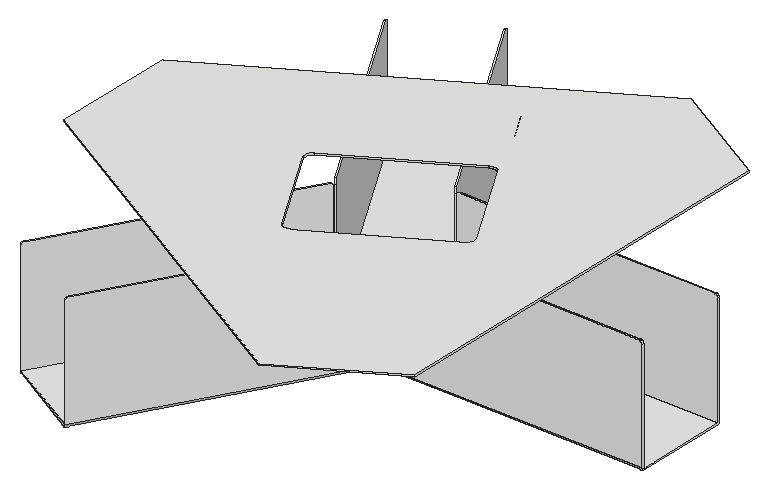
Revit family "Accessories-Teknion-HWBEWT_hiSpace_120_Wire_Bridge-R2020", category Furniture, Revit 2020
Family settings
  OmniClass Number = 23.40.20.00
  OmniClass Title = General Furniture and Specialties
  Work Plane-Based = No
  Always vertical = Yes
  Cut with Voids When Loaded = No
  Shared = Yes
  Room Calculation Point = No
Parameters (values of type "HWBEWT")
  Warranty = "http://www.teknion.com/ca/papers/legal-canada"
  Unit Weight URL = "http://www.teknion.com/ca/tools/assets#&asset=bee6a381-b954-425e-8283-5a2de3a804f2,f828d448-4b62-4231-9e5f-9a8991c0ed77"
  URL = "www.teknion.com"
  To render please download texture images found here [instance] = "https://assets.teknion.com/web/5e81352c1dfdb467/revit-material-swatches/"
  Sustainability Data = "https://www.teknion.com/ca/tools/assets#&topic=216f99a5-57a0-44fc-b10a-9dee9b29ae4c&asset=444deb64-fe58-4b68-981e-f75e97781df7,b4ff2d81-9f2e-437d-9659-7cffb09c31cf"
  Series = "Height-Adjustable Bench hiSpace"  # constant formula
  Product Page URL = "https://www.teknion.com/ca/products/product-details?productLineId=e4ad706f-8e7a-673b-a6c8-ff05004460c4"
  Product Line = "Hispace 120 Bench\r"  # constant formula
  Product Documentation Link = "https://www.teknion.com/pricing/habh/pdfs/HWBEWT_ppg.pdf"
  Part Number = "HWBEWT"  # constant formula
  Model = "HWBEWT"
  Manufacturer Phone = "416-661-3370"  # constant formula
  Manufacturer Fax = "416.661.4586"  # constant formula
  Manufacturer Contact Information = "http://www.teknion.com/ca/contactus"
  Manufacturer Address = "1150 Flint Road, Toronto, ON. M3J 2J5. Canada"  # constant formula
  Manufacturer = "Teknion"  # constant formula
  How To Use Teknion Materials User Guide [instance] = "https://assets.teknion.com/m/205dd0a49fa58060/original/How-to-add-a-Material-Library-and-Texture-Images-to-your-Revit-project.pdf"
  For Additional Finishes please visit [instance] = "https://assets.teknion.com/m/44a8009b046e5d47/original/Teknion_Materials_Library.zip"
  Description = "hiSpace 120 Wire Bridge"
  Default Elevation = 0.000"
  Body Finish [instance] = Paint  -Teknion - 83 - Very White
  Assembly Code = "E2020200"
Reference planes (in)
  plane 1 "Center Front/Back": y = 0
  plane 2: z = 0
  plane 3 "Center Left/Right": x = 0.23501
  plane 4 "Left": x = -8.99062
  plane 5 "Right": x = 9.46064
  plane 6 "Back": y = 8.97563
  plane 7 "Front": y = -8.97563
  plane 8 "Top": z = 14.97642
  plane 9: z = 10.97642
Forms (in)
  Sweep 1, solid, material "Paint  -Teknion - 83 - Very White" <- "Body Finish"
    path origin (0, 0, 0) x (1, 0, 0) y (0, 1, 0)
      loop
        line (9.46064, 0) -> (0.96064, 0)
    profile origin (5.21064, 0, 0) x (0, -1, 0) y (0, 0, 1)
      loop
        line (-1.51696, 11.08789) -> (-1.51696, 14.81942) -> (-1.56496, 14.81942) -> (-1.56496, 11.11889)
        arc (-1.56496, 11.11889) -> (-1.54182, 11.06303) -> (-1.48596, 11.03989) r 0.079
        line (-1.48596, 11.03989) -> (1.48596, 11.03989)
        arc (1.48596, 11.03989) -> (1.54182, 11.06303) -> (1.56496, 11.11889) r 0.079
        line (1.56496, 11.11889) -> (1.56496, 14.81942) -> (1.51696, 14.81942) -> (1.51696, 11.08789) -> (-1.51696, 11.08789)
  Sweep 2, solid, material "Paint  -Teknion - 83 - Very White" <- "Body Finish"
    path origin (0, 0, 0) x (1, 0, 0) y (0, 1, 0)
      loop
        line (3.39764, 0) -> (4.89764, 0)
    profile origin (4.14764, 0, 0) x (0, 1, 0) y (0, 0, 1)
      loop
        line (-2.64196, 14.85042) -> (-1.56496, 14.85042) -> (-1.56496, 14.81942) -> (-1.51696, 14.81942)
        arc (-1.51696, 14.81942) -> (-1.5401, 14.87528) -> (-1.59596, 14.89842) r 0.079
        line (-1.59596, 14.89842) -> (-2.64196, 14.89842) -> (-2.64196, 14.85042)
      loop
        line (2.64196, 14.85042) -> (2.64196, 14.89842) -> (1.59596, 14.89842)
        arc (1.59596, 14.89842) -> (1.5401, 14.87528) -> (1.51696, 14.81942) r 0.079
        line (1.51696, 14.81942) -> (1.56496, 14.81942) -> (1.56496, 14.85042) -> (2.64196, 14.85042)
  Sweep 3, void
    path origin (0, 0, 0) x (1, 0, 0) y (0, 0, 1)
      loop
        line (0.23501, 15.22642) -> (0.23501, 14.47642)
    profile origin (0.23501, 0, 14.85142) x (0, -1, 0) y (1, 0, 0)
      loop
        arc (-1.90904, 3.69069) -> (-1.9626, 3.78245) -> (-2.0625, 3.81863) r 0.156
        arc (-2.0625, 3.81863) -> (-2.1624, 3.78245) -> (-2.21596, 3.69069) r 0.156
        line (-2.21596, 3.69069) -> (-2.29479, 3.2595)
        arc (-2.29479, 3.2595) -> (-2.33534, 3.19002) -> (-2.41097, 3.16263) r 0.11811
        line (-2.41097, 3.16263) -> (-1.71403, 3.16263)
        arc (-1.71403, 3.16263) -> (-1.78966, 3.19002) -> (-1.83021, 3.2595) r 0.11811
        line (-1.83021, 3.2595) -> (-1.90904, 3.69069)
      loop
        arc (-2.52385, 3.16263) -> (-2.60737, 3.19722) -> (-2.64196, 3.28074) r 0.11811
        line (-2.64196, 3.28074) -> (-2.64196, 3.16263) -> (-2.52385, 3.16263)
      loop
        line (-2.52385, 4.66263) -> (-2.64196, 4.66263) -> (-2.64196, 4.54452)
        arc (-2.64196, 4.54452) -> (-2.60737, 4.62804) -> (-2.52385, 4.66263) r 0.11811
      loop
        line (1.90904, 3.69069) -> (1.83021, 3.2595)
        arc (1.83021, 3.2595) -> (1.78966, 3.19002) -> (1.71403, 3.16263) r 0.11811
        line (1.71403, 3.16263) -> (2.41097, 3.16263)
        arc (2.41097, 3.16263) -> (2.33534, 3.19002) -> (2.29479, 3.2595) r 0.11811
        line (2.29479, 3.2595) -> (2.21596, 3.69069)
        arc (2.21596, 3.69069) -> (2.1624, 3.78245) -> (2.0625, 3.81863) r 0.156
        arc (2.0625, 3.81863) -> (1.9626, 3.78245) -> (1.90904, 3.69069) r 0.156
      loop
        line (2.52385, 3.16263) -> (2.64196, 3.16263) -> (2.64196, 3.28074)
        arc (2.64196, 3.28074) -> (2.60737, 3.19722) -> (2.52385, 3.16263) r 0.11811
      loop
        arc (2.52385, 4.66263) -> (2.60737, 4.62804) -> (2.64196, 4.54452) r 0.11811
        line (2.64196, 4.54452) -> (2.64196, 4.66263) -> (2.52385, 4.66263)
  Sweep 4, void
    path origin (0, 0, 0) x (1, 0, 0) y (0, 1, 0)
      loop
        line (5.21064, 1.56496) -> (5.21064, -1.56496)
    profile origin (5.21064, 0, 0) x (1, 0, 0) y (0, 0, 1)
      loop
        arc (4.13189, 14.81942) -> (4.21541, 14.78483) -> (4.25, 14.70131) r 0.11811
        line (4.25, 14.70131) -> (4.25, 14.81942) -> (4.13189, 14.81942)
      loop
        line (-4.13189, 14.81942) -> (-4.25, 14.81942) -> (-4.25, 14.70131)
        arc (-4.25, 14.70131) -> (-4.21541, 14.78483) -> (-4.13189, 14.81942) r 0.11811
  Sweep 5, solid, material "Paint  -Teknion - 83 - Very White" <- "Body Finish"
    path origin (0, 0, 0) x (-0.5, 0.866025, 0) y (-0.866025, -0.5, 0)
      loop
        line (3.39764, 0) -> (4.89764, 0)
    profile origin (-2.07382, 3.59196, 0) x (-0.866025, -0.5, 0) y (0, 0, 1)
      loop
        line (-2.64196, 14.85042) -> (-1.56496, 14.85042) -> (-1.56496, 14.81942) -> (-1.51696, 14.81942)
        arc (-1.51696, 14.81942) -> (-1.5401, 14.87528) -> (-1.59596, 14.89842) r 0.079
        line (-1.59596, 14.89842) -> (-2.64196, 14.89842) -> (-2.64196, 14.85042)
      loop
        line (2.64196, 14.85042) -> (2.64196, 14.89842) -> (1.59596, 14.89842)
        arc (1.59596, 14.89842) -> (1.5401, 14.87528) -> (1.51696, 14.81942) r 0.079
        line (1.51696, 14.81942) -> (1.56496, 14.81942) -> (1.56496, 14.85042) -> (2.64196, 14.85042)
  Sweep 6, void
    path origin (0, 0, 0) x (-0.5, 0.866025, 0) y (0, 0, 1)
      loop
        line (0.23501, 15.22642) -> (0.23501, 14.47642)
    profile origin (-0.1175, 0.20352, 14.85142) x (0.866025, 0.5, 0) y (-0.5, 0.866025, 0)
      loop
        arc (-1.90904, 3.69069) -> (-1.9626, 3.78245) -> (-2.0625, 3.81863) r 0.156
        arc (-2.0625, 3.81863) -> (-2.1624, 3.78245) -> (-2.21596, 3.69069) r 0.156
        line (-2.21596, 3.69069) -> (-2.29479, 3.2595)
        arc (-2.29479, 3.2595) -> (-2.33534, 3.19002) -> (-2.41097, 3.16263) r 0.11811
        line (-2.41097, 3.16263) -> (-1.71403, 3.16263)
        arc (-1.71403, 3.16263) -> (-1.78966, 3.19002) -> (-1.83021, 3.2595) r 0.11811
        line (-1.83021, 3.2595) -> (-1.90904, 3.69069)
      loop
        arc (-2.52385, 3.16263) -> (-2.60737, 3.19722) -> (-2.64196, 3.28074) r 0.11811
        line (-2.64196, 3.28074) -> (-2.64196, 3.16263) -> (-2.52385, 3.16263)
      loop
        line (-2.52385, 4.66263) -> (-2.64196, 4.66263) -> (-2.64196, 4.54452)
        arc (-2.64196, 4.54452) -> (-2.60737, 4.62804) -> (-2.52385, 4.66263) r 0.11811
      loop
        line (1.90904, 3.69069) -> (1.83021, 3.2595)
        arc (1.83021, 3.2595) -> (1.78966, 3.19002) -> (1.71403, 3.16263) r 0.11811
        line (1.71403, 3.16263) -> (2.41097, 3.16263)
        arc (2.41097, 3.16263) -> (2.33534, 3.19002) -> (2.29479, 3.2595) r 0.11811
        line (2.29479, 3.2595) -> (2.21596, 3.69069)
        arc (2.21596, 3.69069) -> (2.1624, 3.78245) -> (2.0625, 3.81863) r 0.156
        arc (2.0625, 3.81863) -> (1.9626, 3.78245) -> (1.90904, 3.69069) r 0.156
      loop
        line (2.52385, 3.16263) -> (2.64196, 3.16263) -> (2.64196, 3.28074)
        arc (2.64196, 3.28074) -> (2.60737, 3.19722) -> (2.52385, 3.16263) r 0.11811
      loop
        arc (2.52385, 4.66263) -> (2.60737, 4.62804) -> (2.64196, 4.54452) r 0.11811
        line (2.64196, 4.54452) -> (2.64196, 4.66263) -> (2.52385, 4.66263)
  Sweep 7, solid, material "Paint  -Teknion - 83 - Very White" <- "Body Finish"
    path origin (0, 0, 0) x (-0.5, -0.866025, 0) y (0.866025, -0.5, 0)
      loop
        line (3.39764, 0) -> (4.89764, 0)
    profile origin (-2.07382, -3.59196, 0) x (0.866025, -0.5, 0) y (0, 0, 1)
      loop
        line (-2.64196, 14.85042) -> (-1.56496, 14.85042) -> (-1.56496, 14.81942) -> (-1.51696, 14.81942)
        arc (-1.51696, 14.81942) -> (-1.5401, 14.87528) -> (-1.59596, 14.89842) r 0.079
        line (-1.59596, 14.89842) -> (-2.64196, 14.89842) -> (-2.64196, 14.85042)
      loop
        line (2.64196, 14.85042) -> (2.64196, 14.89842) -> (1.59596, 14.89842)
        arc (1.59596, 14.89842) -> (1.5401, 14.87528) -> (1.51696, 14.81942) r 0.079
        line (1.51696, 14.81942) -> (1.56496, 14.81942) -> (1.56496, 14.85042) -> (2.64196, 14.85042)
  Sweep 8, void
    path origin (0, 0, 0) x (-0.5, -0.866025, 0) y (0, 0, 1)
      loop
        line (0.23501, 15.22642) -> (0.23501, 14.47642)
    profile origin (-0.1175, -0.20352, 14.85142) x (-0.866025, 0.5, 0) y (-0.5, -0.866025, 0)
      loop
        arc (-1.90904, 3.69069) -> (-1.9626, 3.78245) -> (-2.0625, 3.81863) r 0.156
        arc (-2.0625, 3.81863) -> (-2.1624, 3.78245) -> (-2.21596, 3.69069) r 0.156
        line (-2.21596, 3.69069) -> (-2.29479, 3.2595)
        arc (-2.29479, 3.2595) -> (-2.33534, 3.19002) -> (-2.41097, 3.16263) r 0.11811
        line (-2.41097, 3.16263) -> (-1.71403, 3.16263)
        arc (-1.71403, 3.16263) -> (-1.78966, 3.19002) -> (-1.83021, 3.2595) r 0.11811
        line (-1.83021, 3.2595) -> (-1.90904, 3.69069)
      loop
        arc (-2.52385, 3.16263) -> (-2.60737, 3.19722) -> (-2.64196, 3.28074) r 0.11811
        line (-2.64196, 3.28074) -> (-2.64196, 3.16263) -> (-2.52385, 3.16263)
      loop
        line (-2.52385, 4.66263) -> (-2.64196, 4.66263) -> (-2.64196, 4.54452)
        arc (-2.64196, 4.54452) -> (-2.60737, 4.62804) -> (-2.52385, 4.66263) r 0.11811
      loop
        line (1.90904, 3.69069) -> (1.83021, 3.2595)
        arc (1.83021, 3.2595) -> (1.78966, 3.19002) -> (1.71403, 3.16263) r 0.11811
        line (1.71403, 3.16263) -> (2.41097, 3.16263)
        arc (2.41097, 3.16263) -> (2.33534, 3.19002) -> (2.29479, 3.2595) r 0.11811
        line (2.29479, 3.2595) -> (2.21596, 3.69069)
        arc (2.21596, 3.69069) -> (2.1624, 3.78245) -> (2.0625, 3.81863) r 0.156
        arc (2.0625, 3.81863) -> (1.9626, 3.78245) -> (1.90904, 3.69069) r 0.156
      loop
        line (2.52385, 3.16263) -> (2.64196, 3.16263) -> (2.64196, 3.28074)
        arc (2.64196, 3.28074) -> (2.60737, 3.19722) -> (2.52385, 3.16263) r 0.11811
      loop
        arc (2.52385, 4.66263) -> (2.60737, 4.62804) -> (2.64196, 4.54452) r 0.11811
        line (2.64196, 4.54452) -> (2.64196, 4.66263) -> (2.52385, 4.66263)
  Sweep 9, solid, material "Paint  -Teknion - 83 - Very White" <- "Body Finish"
    path origin (0, 0, 0) x (-0.5, 0.866025, 0) y (-0.866025, -0.5, 0)
      loop
        line (9.46064, 0) -> (0.96064, 0)
    profile origin (-2.60532, 4.51254, 0) x (0.866025, 0.5, 0) y (0, 0, 1)
      loop
        line (-1.51696, 11.08789) -> (-1.51696, 14.81942) -> (-1.56496, 14.81942) -> (-1.56496, 11.11889)
        arc (-1.56496, 11.11889) -> (-1.54182, 11.06303) -> (-1.48596, 11.03989) r 0.079
        line (-1.48596, 11.03989) -> (1.48596, 11.03989)
        arc (1.48596, 11.03989) -> (1.54182, 11.06303) -> (1.56496, 11.11889) r 0.079
        line (1.56496, 11.11889) -> (1.56496, 14.81942) -> (1.51696, 14.81942) -> (1.51696, 11.08789) -> (-1.51696, 11.08789)
  Sweep 10, void
    path origin (0, 0, 0) x (-0.5, 0.866025, 0) y (-0.866025, -0.5, 0)
      loop
        line (5.21064, 1.56496) -> (5.21064, -1.56496)
    profile origin (-2.60532, 4.51254, 0) x (-0.5, 0.866025, 0) y (0, 0, 1)
      loop
        arc (4.13189, 14.81942) -> (4.21541, 14.78483) -> (4.25, 14.70131) r 0.11811
        line (4.25, 14.70131) -> (4.25, 14.81942) -> (4.13189, 14.81942)
      loop
        line (-4.13189, 14.81942) -> (-4.25, 14.81942) -> (-4.25, 14.70131)
        arc (-4.25, 14.70131) -> (-4.21541, 14.78483) -> (-4.13189, 14.81942) r 0.11811
  Sweep 11, solid, material "Paint  -Teknion - 83 - Very White" <- "Body Finish"
    path origin (0, 0, 0) x (-0.5, -0.866025, 0) y (0.866025, -0.5, 0)
      loop
        line (9.46064, 0) -> (0.96064, 0)
    profile origin (-2.60532, -4.51254, 0) x (-0.866025, 0.5, 0) y (0, 0, 1)
      loop
        line (-1.51696, 11.08789) -> (-1.51696, 14.81942) -> (-1.56496, 14.81942) -> (-1.56496, 11.11889)
        arc (-1.56496, 11.11889) -> (-1.54182, 11.06303) -> (-1.48596, 11.03989) r 0.079
        line (-1.48596, 11.03989) -> (1.48596, 11.03989)
        arc (1.48596, 11.03989) -> (1.54182, 11.06303) -> (1.56496, 11.11889) r 0.079
        line (1.56496, 11.11889) -> (1.56496, 14.81942) -> (1.51696, 14.81942) -> (1.51696, 11.08789) -> (-1.51696, 11.08789)
  Sweep 12, void
    path origin (0, 0, 0) x (-0.5, -0.866025, 0) y (0.866025, -0.5, 0)
      loop
        line (5.21064, 1.56496) -> (5.21064, -1.56496)
    profile origin (-2.60532, -4.51254, 0) x (-0.5, -0.866025, 0) y (0, 0, 1)
      loop
        arc (4.13189, 14.81942) -> (4.21541, 14.78483) -> (4.25, 14.70131) r 0.11811
        line (4.25, 14.70131) -> (4.25, 14.81942) -> (4.13189, 14.81942)
      loop
        line (-4.13189, 14.81942) -> (-4.25, 14.81942) -> (-4.25, 14.70131)
        arc (-4.25, 14.70131) -> (-4.21541, 14.78483) -> (-4.13189, 14.81942) r 0.11811
  Sweep 13, solid, material "Paint  -Teknion - 83 - Very White" <- "Body Finish"
    path origin (0, 0, 0) x (1, 0, 0) y (0, 0, 1)
      loop
        line (0.23501, 14.97642) -> (0.23501, 14.92842)
    profile origin (0.23501, 0, 14.95242) x (0, -1, 0) y (1, 0, 0)
      loop
        line (-6.78611, 5.99235) -> (-8.78611, 2.52825) -> (-2, -9.22563) -> (2, -9.22563) -> (8.78611, 2.52825) -> (6.78611, 5.99235) -> (-6.78611, 5.99235)
      loop
        arc (-0.60705, -3.18356) -> (-0.45525, -3.30005) -> (-0.26554, -3.27507) r 0.25
        line (-0.26554, -3.27507) -> (2.76554, -1.52507)
        arc (2.76554, -1.52507) -> (2.88203, -1.37327) -> (2.85705, -1.18356) r 0.25
        line (2.85705, -1.18356) -> (0.60705, 2.71355)
        arc (0.60705, 2.71355) -> (0.45525, 2.83003) -> (0.26554, 2.80506) r 0.25
        line (0.26554, 2.80506) -> (-2.76554, 1.05506)
        arc (-2.76554, 1.05506) -> (-2.88203, 0.90325) -> (-2.85705, 0.71355) r 0.25
        line (-2.85705, 0.71355) -> (-0.60705, -3.18356)
Cuts and joins
  Sweep 6 cuts Sweep 5
  Sweep 10 cuts Sweep 9
  joined: Sweep 5, Sweep 9
  Sweep 8 cuts Sweep 7
  Sweep 12 cuts Sweep 11
  joined: Sweep 7, Sweep 11
  Sweep 4 cuts Sweep 1
  Sweep 3 cuts Sweep 2
  joined: Sweep 1, Sweep 2
Lines and regions (in)
  Masking region 1
    outline origin (0, 0, 0) x (1, 0, 0) y (0, 1, 0)
      loop
        line (6.22736, -6.78611) -> (6.22736, -1.56496) -> (9.46064, -1.56496) -> (9.46064, 1.56496) -> (6.22736, 1.56496) -> (6.22736, 6.78611) -> (2.76326, 8.78611) -> (-1.75839, 6.17553) -> (-3.37502, 8.97563) -> (-6.08561, 7.41067) -> (-4.46898, 4.61057) -> (-8.99062, 2) -> (-8.99062, -2) -> (-4.46898, -4.61057) -> (-6.08561, -7.41067) -> (-3.37502, -8.97563) -> (-1.75839, -6.17553) -> (2.76326, -8.78611) -> (6.22736, -6.78611)
      loop
        arc (1.29006, 2.76554) -> (1.13826, 2.88203) -> (0.94856, 2.85705) r 0.25
        line (0.94856, 2.85705) -> (0.3553, 2.51453) -> (0.87498, 1.61442) -> (-1.83561, 0.04946) -> (-2.3553, 0.94957) -> (-2.94856, 0.60705)
        arc (-2.94856, 0.60705) -> (-3.06504, 0.45525) -> (-3.04006, 0.26554) r 0.25
        line (-3.04006, 0.26554) -> (-2.34691, -0.93504) -> (-1.83561, -0.04946) -> (0.87498, -1.61442) -> (0.71059, -1.89914) -> (1.28941, -1.56496) -> (0.96064, -1.56496) -> (0.96064, 1.56496) -> (1.98322, 1.56496) -> (1.29006, 2.76554)
  symbolic lines
    curve 1: line (-2.94856, 0.60705, 0) -> (0.94856, 2.85705, 0)
    curve 2: arc (0.94856, 2.85705, 0) -> (1.13826, 2.88203, 0) -> (1.29006, 2.76554, 0) r 0.25
    curve 3: line (1.29006, 2.76554, 0) -> (3.04006, -0.26554, 0)
    curve 4: arc (3.04006, -0.26554, 0) -> (3.06504, -0.45525, 0) -> (2.94856, -0.60705, 0) r 0.25
    curve 5: line (2.94856, -0.60705, 0) -> (-0.94856, -2.85705, 0)
    curve 6: arc (-0.94856, -2.85705, 0) -> (-1.13826, -2.88203, 0) -> (-1.29006, -2.76554, 0) r 0.25
    curve 7: line (-1.29006, -2.76554, 0) -> (-3.04006, 0.26554, 0)
    curve 8: arc (-3.04006, 0.26554, 0) -> (-3.06504, 0.45525, 0) -> (-2.94856, 0.60705, 0) r 0.25
    curve 9: line (6.22736, -6.78611, 0) -> (6.22736, 6.78611, 0)
    curve 10: line (-8.99062, -2, 0) -> (2.76326, -8.78611, 0)
    curve 11: line (2.76326, 8.78611, 0) -> (-8.99062, 2, 0)
    curve 12: line (-6.04405, -7.43467, 0) -> (-4.42741, -4.63457, 0)
    curve 13: line (0.83341, -1.59042, 0) -> (0.62745, -1.94714, 0)
    curve 14: line (9.46064, -1.51696, 0) -> (6.22736, -1.51696, 0)
    curve 15: line (0.96064, 1.51696, 0) -> (2.01093, 1.51696, 0)
    curve 16: line (-1.79405, 0.07346, 0) -> (-2.31373, 0.97357, 0)
    curve 17: line (-3.41659, 8.95163, 0) -> (-1.79995, 6.15153, 0)
    curve 18: line (-4.42741, 4.63457, 0) -> (-6.04405, 7.43467, 0)
    curve 21: line (0.31373, 2.49053, 0) -> (0.83341, 1.59042, 0)
    curve 23: line (6.22736, 1.51696, 0) -> (9.46064, 1.51696, 0)
    curve 25: line (1.37255, -1.51696, 0) -> (0.96064, -1.51696, 0)
    curve 27: line (-1.79995, -6.15153, 0) -> (-3.41659, -8.95163, 0)
    curve 29: line (-2.31919, -0.98304, 0) -> (-1.79405, -0.07346, 0)
  symbolic lines, style "FurnitureHiddenLines", detail levels medium+fine
    curve 19: line (-2.31373, 0.97357, 0) -> (-4.42741, 4.63457, 0)
    curve 20: line (-1.79995, 6.15153, 0) -> (0.31373, 2.49053, 0)
    curve 22: line (2.01093, 1.51696, 0) -> (6.22736, 1.51696, 0)
    curve 24: line (6.22736, -1.51696, 0) -> (1.37255, -1.51696, 0)
    curve 26: line (0.62745, -1.94714, 0) -> (-1.79995, -6.15153, 0)
    curve 28: line (-4.42741, -4.63457, 0) -> (-2.31919, -0.98304, 0)
    curve 30: line (-4.46898, 4.61057, 0) -> (-2.3553, 0.94957, 0)
    curve 31: line (-1.75839, 6.17553, 0) -> (0.36661, 2.49493, 0)
    curve 32: line (1.98322, 1.56496, 0) -> (6.22736, 1.56496, 0)
    curve 33: line (1.28941, -1.56496, 0) -> (6.22736, -1.56496, 0)
    curve 34: line (0.71059, -1.89914, 0) -> (-1.75839, -6.17553, 0)
    curve 35: line (-4.46898, -4.61057, 0) -> (-2.34691, -0.93504, 0)
    curve 36: line (3.51575, -2.64196, 0) -> (4.77953, -2.64196, 0)
    curve 37: arc (4.77953, -2.64196, 0) -> (4.86304, -2.60737, 0) -> (4.89764, -2.52385, 0) r 0.11811
    curve 38: line (4.89764, -2.52385, 0) -> (4.89764, -1.51696, 0)
    curve 39: line (3.39764, -1.51696, 0) -> (3.39764, -1.71403, 0)
    curve 40: arc (3.39764, -1.71403, 0) -> (3.42503, -1.78966, 0) -> (3.49451, -1.83021, 0) r 0.11811
    curve 41: line (3.49451, -1.83021, 0) -> (3.92569, -1.90904, 0)
    curve 42: arc (3.92569, -1.90904, 0) -> (4.01746, -1.9626, 0) -> (4.05364, -2.0625, 0) r 0.156
    curve 43: arc (4.05364, -2.0625, 0) -> (4.01746, -2.1624, 0) -> (3.92569, -2.21596, 0) r 0.156
    curve 44: line (3.92569, -2.21596, 0) -> (3.49451, -2.29479, 0)
    curve 45: arc (3.49451, -2.29479, 0) -> (3.42503, -2.33534, 0) -> (3.39764, -2.41097, 0) r 0.11811
    curve 46: line (3.39764, -2.41097, 0) -> (3.39764, -2.52385, 0)
    curve 47: arc (3.39764, -2.52385, 0) -> (3.43223, -2.60737, 0) -> (3.51575, -2.64196, 0) r 0.11811
    curve 48: line (3.51575, 2.64196, 0) -> (4.77953, 2.64196, 0)
    curve 49: arc (4.77953, 2.64196, 0) -> (4.86304, 2.60737, 0) -> (4.89764, 2.52385, 0) r 0.11811
    curve 50: line (4.89764, 2.52385, 0) -> (4.89764, 1.51696, 0)
    curve 51: line (3.39764, 1.51696, 0) -> (3.39764, 1.71403, 0)
    curve 52: arc (3.39764, 1.71403, 0) -> (3.42503, 1.78966, 0) -> (3.49451, 1.83021, 0) r 0.11811
    curve 53: line (3.49451, 1.83021, 0) -> (3.92569, 1.90904, 0)
    curve 54: arc (3.92569, 1.90904, 0) -> (4.01746, 1.9626, 0) -> (4.05364, 2.0625, 0) r 0.156
    curve 55: arc (4.05364, 2.0625, 0) -> (4.01746, 2.1624, 0) -> (3.92569, 2.21596, 0) r 0.156
    curve 56: line (3.92569, 2.21596, 0) -> (3.49451, 2.29479, 0)
    curve 57: arc (3.49451, 2.29479, 0) -> (3.42503, 2.33534, 0) -> (3.39764, 2.41097, 0) r 0.11811
    curve 58: line (3.39764, 2.41097, 0) -> (3.39764, 2.52385, 0)
    curve 59: arc (3.39764, 2.52385, 0) -> (3.43223, 2.60737, 0) -> (3.51575, 2.64196, 0) r 0.11811
    curve 60: line (0.53013, 4.36571, 0) -> (-0.10176, 5.46017, 0)
    curve 61: arc (-0.10176, 5.46017, 0) -> (-0.17348, 5.5152, 0) -> (-0.2631, 5.5034, 0) r 0.11811
    curve 62: line (-0.2631, 5.5034, 0) -> (-1.13509, 4.99996, 0)
    curve 63: line (-0.38509, 3.70092, 0) -> (-0.21443, 3.79945, 0)
    curve 64: arc (-0.21443, 3.79945, 0) -> (-0.16262, 3.86099, 0) -> (-0.16224, 3.94144, 0) r 0.11811
    curve 65: line (-0.16224, 3.94144, 0) -> (-0.30957, 4.35427, 0)
    curve 66: arc (-0.30957, 4.35427, 0) -> (-0.30906, 4.46052, 0) -> (-0.24064, 4.5418, 0) r 0.156
    curve 67: arc (-0.24064, 4.5418, 0) -> (-0.13604, 4.56042, 0) -> (-0.04377, 4.50773, 0) r 0.156
    curve 68: line (-0.04377, 4.50773, 0) -> (0.24009, 4.17373, 0)
    curve 69: arc (0.24009, 4.17373, 0) -> (0.30995, 4.13383, 0) -> (0.38915, 4.14793, 0) r 0.11811
    curve 70: line (0.38915, 4.14793, 0) -> (0.4869, 4.20437, 0)
    curve 71: arc (0.4869, 4.20437, 0) -> (0.54193, 4.27608, 0) -> (0.53013, 4.36571, 0) r 0.11811
    curve 72: line (-4.04588, 1.72375, 0) -> (-4.67777, 2.81821, 0)
    curve 73: arc (-4.67777, 2.81821, 0) -> (-4.68957, 2.90784, 0) -> (-4.63454, 2.97955, 0) r 0.11811
    curve 74: line (-4.63454, 2.97955, 0) -> (-3.76255, 3.483, 0)
    curve 75: line (-3.01255, 2.18396, 0) -> (-3.18321, 2.08543, 0)
    curve 76: arc (-3.18321, 2.08543, 0) -> (-3.26241, 2.07133, 0) -> (-3.33226, 2.11123, 0) r 0.11811
    curve 77: line (-3.33226, 2.11123, 0) -> (-3.61613, 2.44523, 0)
    curve 78: arc (-3.61613, 2.44523, 0) -> (-3.70839, 2.49792, 0) -> (-3.813, 2.4793, 0) r 0.156
    curve 79: arc (-3.813, 2.4793, 0) -> (-3.88142, 2.39802, 0) -> (-3.88192, 2.29177, 0) r 0.156
    curve 80: line (-3.88192, 2.29177, 0) -> (-3.7346, 1.87894, 0)
    curve 81: arc (-3.7346, 1.87894, 0) -> (-3.73498, 1.79849, 0) -> (-3.78678, 1.73695, 0) r 0.11811
    curve 82: line (-3.78678, 1.73695, 0) -> (-3.88454, 1.68052, 0)
    curve 83: arc (-3.88454, 1.68052, 0) -> (-3.97416, 1.66872, 0) -> (-4.04588, 1.72375, 0) r 0.11811
    curve 84: line (-4.04588, -1.72375, 0) -> (-4.67777, -2.81821, 0)
    curve 85: arc (-4.67777, -2.81821, 0) -> (-4.68957, -2.90784, 0) -> (-4.63454, -2.97955, 0) r 0.11811
    curve 86: line (-4.63454, -2.97955, 0) -> (-3.76255, -3.483, 0)
    curve 87: line (-3.01255, -2.18396, 0) -> (-3.18321, -2.08543, 0)
    curve 88: arc (-3.18321, -2.08543, 0) -> (-3.26241, -2.07133, 0) -> (-3.33226, -2.11123, 0) r 0.11811
    curve 89: line (-3.33226, -2.11123, 0) -> (-3.61613, -2.44523, 0)
    curve 90: arc (-3.61613, -2.44523, 0) -> (-3.70839, -2.49792, 0) -> (-3.813, -2.4793, 0) r 0.156
    curve 91: arc (-3.813, -2.4793, 0) -> (-3.88142, -2.39802, 0) -> (-3.88192, -2.29177, 0) r 0.156
    curve 92: line (-3.88192, -2.29177, 0) -> (-3.7346, -1.87894, 0)
    curve 93: arc (-3.7346, -1.87894, 0) -> (-3.73498, -1.79849, 0) -> (-3.78678, -1.73695, 0) r 0.11811
    curve 94: line (-3.78678, -1.73695, 0) -> (-3.88454, -1.68052, 0)
    curve 95: arc (-3.88454, -1.68052, 0) -> (-3.97416, -1.66872, 0) -> (-4.04588, -1.72375, 0) r 0.11811
    curve 96: line (0.53013, -4.36571, 0) -> (-0.10176, -5.46017, 0)
    curve 97: arc (-0.10176, -5.46017, 0) -> (-0.17348, -5.5152, 0) -> (-0.2631, -5.5034, 0) r 0.11811
    curve 98: line (-0.2631, -5.5034, 0) -> (-1.13509, -4.99996, 0)
    curve 99: line (-0.38509, -3.70092, 0) -> (-0.21443, -3.79945, 0)
    curve 100: arc (-0.21443, -3.79945, 0) -> (-0.16262, -3.86099, 0) -> (-0.16224, -3.94144, 0) r 0.11811
    curve 101: line (-0.16224, -3.94144, 0) -> (-0.30957, -4.35427, 0)
    curve 102: arc (-0.30957, -4.35427, 0) -> (-0.30906, -4.46052, 0) -> (-0.24064, -4.5418, 0) r 0.156
    curve 103: arc (-0.24064, -4.5418, 0) -> (-0.13604, -4.56042, 0) -> (-0.04377, -4.50773, 0) r 0.156
    curve 104: line (-0.04377, -4.50773, 0) -> (0.24009, -4.17373, 0)
    curve 105: arc (0.24009, -4.17373, 0) -> (0.30995, -4.13383, 0) -> (0.38915, -4.14793, 0) r 0.11811
    curve 106: line (0.38915, -4.14793, 0) -> (0.4869, -4.20437, 0)
    curve 107: arc (0.4869, -4.20437, 0) -> (0.54193, -4.27608, 0) -> (0.53013, -4.36571, 0) r 0.11811
  reference lines
    curve 108: line (-8.99062, 8.97563, 0) -> (9.46064, 8.97563, 0)
    curve 109: line (-8.99062, 8.97563, 0) -> (-8.99062, -8.97563, 0)
    curve 110: line (-8.99062, -8.97563, 0) -> (9.46064, -8.97563, 0)
    curve 111: line (9.46064, 8.97563, 0) -> (9.46064, -8.97563, 0)
Dimensions and locks (in)
  locked: plane 4 "Left" to plane 5 "Right" at 18.45126
  locked: plane 6 "Back" to plane 7 "Front" at 17.95127
  locked: plane 8 "Top" to level at 14.97642
  equal spacing: plane 6 "Back", plane 1 "Center Front/Back", plane 7 "Front"
  equal spacing: plane 4 "Left", plane 3 "Center Left/Right", plane 5 "Right"
  locked: plane 8 "Top" to plane 9 at 4
  aligned and locked: level to plane 2
  aligned and locked: plane 1 "Center Front/Back" to Sweep 2 sketch curve
  aligned and locked: curve 108 to plane 6 "Back"
  aligned and locked: curve 109 to plane 4 "Left"
  aligned and locked: curve 110 to plane 7 "Front"
  aligned and locked: curve 111 to plane 5 "Right"
Automatic sketch dimensions
  Sweep 1 sketch curve to plane 5 "Right" = 0.000"
  plane 3 "Center Left/Right" to Sweep 1 sketch curve = 0.72563"
  profile plane to Sweep 1 sketch curve = 1.56496"
  Sweep 1 sketch curve to Sweep 1 sketch curve = 0.031"  (x5)
  Sweep 1 sketch curve to profile plane = 1.48596"
  level to Sweep 1 sketch curve = 11.03989"
  Sweep 1 sketch curve to Sweep 1 sketch curve = 3.70053"
  Sweep 1 sketch curve to Sweep 1 sketch curve = 0.000"
  Sweep 1 sketch curve to Sweep 1 sketch curve = 0.048"
  plane 3 "Center Left/Right" to Sweep 2 sketch curve = 3.16263"
  Sweep 2 sketch curve to Sweep 2 sketch curve = 1.500"
  profile plane to Sweep 2 sketch curve = 2.64196"
  Sweep 2 sketch curve to Sweep 2 sketch curve = 1.046"  (x2)
  Sweep 2 sketch curve to Sweep 2 sketch curve = 0.031"  (x3)
  Sweep 2 sketch curve to Sweep 2 sketch curve = 0.048"  (x3)
  Sweep 2 sketch curve to profile plane = 1.51696"
  level to Sweep 2 sketch curve = 14.81942"
  Sweep 2 sketch curve to Sweep 2 sketch curve = 0.000"
  Sweep 3 sketch curve to plane 3 "Center Left/Right" = 0.000"
  Sweep 3 sketch curve to plane 8 "Top" = 0.500"
  plane 8 "Top" to Sweep 3 sketch curve = 0.250"
  Sweep 3 sketch curve to Sweep 3 sketch curve = 0.000"  (x27)
  Sweep 3 sketch curve to plane 1 "Center Front/Back" = 2.64196"
  Sweep 3 sketch curve to Sweep 3 sketch curve = 0.11811"  (x10)
  Sweep 3 sketch curve to Sweep 3 sketch curve = 0.11288"  (x3)
  Sweep 3 sketch curve to Sweep 3 sketch curve = 0.11618"  (x4)
  Sweep 3 sketch curve to Sweep 3 sketch curve = 0.07883"  (x2)
  Sweep 3 sketch curve to Sweep 3 sketch curve = 0.15346"  (x4)
  Sweep 3 sketch curve to Sweep 3 sketch curve = 0.19502"  (x2)
  plane 1 "Center Front/Back" to Sweep 3 sketch curve = 1.71403"
  Sweep 3 sketch curve to Sweep 3 sketch curve = 0.46135"
  Sweep 3 sketch curve to profile plane = 3.16263"  (x2)
  Sweep 3 sketch curve to Sweep 3 sketch curve = 0.09687"  (x2)
  Sweep 3 sketch curve to Sweep 3 sketch curve = 0.02124"  (x2)
  Sweep 3 sketch curve to Sweep 3 sketch curve = 0.72589"  (x2)
  plane 1 "Center Front/Back" to Sweep 4 sketch curve = 1.56496"
  plane 5 "Right" to Sweep 4 sketch curve = 4.250"
  Sweep 4 sketch curve to plane 1 "Center Front/Back" = 1.56496"
  profile plane to Sweep 4 sketch curve = 4.250"
  Sweep 4 sketch curve to Sweep 4 sketch curve = 0.11811"  (x2)
  Sweep 4 sketch curve to profile plane = 4.13189"
  level to Sweep 4 sketch curve = 14.70131"
  Sweep 4 sketch curve to Sweep 4 sketch curve = 0.000"
  Sweep 5 sketch curve to plane 3 "Center Left/Right" = 1.93383"
  Sweep 5 sketch curve to plane 1 "Center Front/Back" = 2.94244"
  Sweep 5 sketch curve to Sweep 5 sketch curve = 1.500"
  profile plane to Sweep 5 sketch curve = 2.64196"
  Sweep 5 sketch curve to Sweep 5 sketch curve = 1.046"  (x2)
  Sweep 5 sketch curve to Sweep 5 sketch curve = 0.031"  (x3)
  Sweep 5 sketch curve to Sweep 5 sketch curve = 0.048"  (x3)
  Sweep 5 sketch curve to profile plane = 1.51696"
  level to Sweep 5 sketch curve = 14.81942"
  Sweep 5 sketch curve to Sweep 5 sketch curve = 0.000"
  Sweep 6 sketch curve to plane 8 "Top" = 0.500"
  plane 8 "Top" to Sweep 6 sketch curve = 0.250"
  Sweep 6 sketch curve to Sweep 6 sketch curve = 0.000"  (x27)
  Sweep 6 sketch curve to profile plane = 2.64196"
  Sweep 6 sketch curve to Sweep 6 sketch curve = 0.11811"  (x10)
  Sweep 6 sketch curve to Sweep 6 sketch curve = 0.11288"  (x3)
  Sweep 6 sketch curve to Sweep 6 sketch curve = 0.11618"  (x4)
  Sweep 6 sketch curve to Sweep 6 sketch curve = 0.07883"  (x2)
  Sweep 6 sketch curve to Sweep 6 sketch curve = 0.15346"  (x4)
  Sweep 6 sketch curve to Sweep 6 sketch curve = 0.19502"  (x2)
  profile plane to Sweep 6 sketch curve = 1.71403"
  Sweep 6 sketch curve to Sweep 6 sketch curve = 0.46135"
  Sweep 6 sketch curve to profile plane = 3.16263"  (x2)
  Sweep 6 sketch curve to Sweep 6 sketch curve = 0.09687"  (x2)
  Sweep 6 sketch curve to Sweep 6 sketch curve = 0.02124"  (x2)
  Sweep 6 sketch curve to Sweep 6 sketch curve = 0.72589"  (x2)
  Sweep 7 sketch curve to plane 3 "Center Left/Right" = 1.93383"
  plane 1 "Center Front/Back" to Sweep 7 sketch curve = 2.94244"
  Sweep 7 sketch curve to Sweep 7 sketch curve = 1.500"
  profile plane to Sweep 7 sketch curve = 2.64196"
  Sweep 7 sketch curve to Sweep 7 sketch curve = 1.046"  (x2)
  Sweep 7 sketch curve to Sweep 7 sketch curve = 0.031"  (x3)
  Sweep 7 sketch curve to Sweep 7 sketch curve = 0.048"  (x3)
  Sweep 7 sketch curve to profile plane = 1.51696"
  level to Sweep 7 sketch curve = 14.81942"
  Sweep 7 sketch curve to Sweep 7 sketch curve = 0.000"
  Sweep 8 sketch curve to plane 8 "Top" = 0.500"
  plane 8 "Top" to Sweep 8 sketch curve = 0.250"
  Sweep 8 sketch curve to Sweep 8 sketch curve = 0.000"  (x27)
  Sweep 8 sketch curve to profile plane = 2.64196"
  Sweep 8 sketch curve to Sweep 8 sketch curve = 0.11811"  (x10)
  Sweep 8 sketch curve to Sweep 8 sketch curve = 0.11288"  (x3)
  Sweep 8 sketch curve to Sweep 8 sketch curve = 0.11618"  (x4)
  Sweep 8 sketch curve to Sweep 8 sketch curve = 0.07883"  (x2)
  Sweep 8 sketch curve to Sweep 8 sketch curve = 0.15346"  (x4)
  Sweep 8 sketch curve to Sweep 8 sketch curve = 0.19502"  (x2)
  profile plane to Sweep 8 sketch curve = 1.71403"
  Sweep 8 sketch curve to Sweep 8 sketch curve = 0.46135"
  Sweep 8 sketch curve to profile plane = 3.16263"  (x2)
  Sweep 8 sketch curve to Sweep 8 sketch curve = 0.09687"  (x2)
  Sweep 8 sketch curve to Sweep 8 sketch curve = 0.02124"  (x2)
  Sweep 8 sketch curve to Sweep 8 sketch curve = 0.72589"  (x2)
  plane 1 "Center Front/Back" to Sweep 1 sketch curve = 0.000"
  Sweep 9 sketch curve to plane 3 "Center Left/Right" = 0.71533"
  Sweep 9 sketch curve to plane 1 "Center Front/Back" = 0.83194"
  Sweep 9 sketch curve to Sweep 9 sketch curve = 8.500"
  profile plane to Sweep 9 sketch curve = 1.56496"
  Sweep 9 sketch curve to Sweep 9 sketch curve = 0.048"  (x2)
  Sweep 9 sketch curve to Sweep 9 sketch curve = 0.031"  (x2)
  Sweep 9 sketch curve to profile plane = 1.48596"
  Sweep 9 sketch curve to profile plane = 1.51696"
  level to Sweep 9 sketch curve = 11.03989"
  Sweep 9 sketch curve to Sweep 9 sketch curve = 3.70053"
  Sweep 9 sketch curve to Sweep 9 sketch curve = 0.000"  (x2)
  Sweep 10 sketch curve to plane 3 "Center Left/Right" = 1.48503"
  Sweep 10 sketch curve to plane 6 "Back" = 3.68061"
  Sweep 10 sketch curve to Sweep 10 sketch curve = 3.12992"
  profile plane to Sweep 10 sketch curve = 4.250"
  Sweep 10 sketch curve to Sweep 10 sketch curve = 0.11811"  (x2)
  Sweep 10 sketch curve to profile plane = 4.13189"
  level to Sweep 10 sketch curve = 14.70131"
  Sweep 10 sketch curve to Sweep 10 sketch curve = 0.000"
  Sweep 11 sketch curve to plane 3 "Center Left/Right" = 0.71533"
  plane 1 "Center Front/Back" to Sweep 11 sketch curve = 0.83194"
  Sweep 11 sketch curve to Sweep 11 sketch curve = 8.500"
  profile plane to Sweep 11 sketch curve = 1.56496"
  Sweep 11 sketch curve to Sweep 11 sketch curve = 0.048"  (x2)
  Sweep 11 sketch curve to Sweep 11 sketch curve = 0.031"  (x2)
  Sweep 11 sketch curve to profile plane = 1.48596"
  Sweep 11 sketch curve to profile plane = 1.51696"
  level to Sweep 11 sketch curve = 11.03989"
  Sweep 11 sketch curve to Sweep 11 sketch curve = 3.70053"
  Sweep 11 sketch curve to Sweep 11 sketch curve = 0.000"  (x2)
  plane 1 "Center Front/Back" to Sweep 12 sketch curve = 3.73006"
  Sweep 12 sketch curve to plane 3 "Center Left/Right" = 4.19562"
  Sweep 12 sketch curve to Sweep 12 sketch curve = 3.12992"
  profile plane to Sweep 12 sketch curve = 4.250"
  Sweep 12 sketch curve to Sweep 12 sketch curve = 0.11811"  (x2)
  Sweep 12 sketch curve to profile plane = 4.13189"
  level to Sweep 12 sketch curve = 14.70131"
  Sweep 12 sketch curve to Sweep 12 sketch curve = 0.000"
  Sweep 13 sketch curve to plane 3 "Center Left/Right" = 0.000"
  Sweep 13 sketch curve to plane 8 "Top" = 0.000"
  Sweep 13 sketch curve to Sweep 13 sketch curve = 0.048"
  Sweep 13 sketch curve to profile plane = 2.52825"  (x2)
  Sweep 13 sketch curve to plane 1 "Center Front/Back" = 8.78611"
  Sweep 13 sketch curve to Sweep 13 sketch curve = 2.000"  (x2)
  Sweep 13 sketch curve to plane 1 "Center Front/Back" = 2.000"
  plane 1 "Center Front/Back" to Sweep 13 sketch curve = 2.000"
  plane 1 "Center Front/Back" to Sweep 13 sketch curve = 6.78611"
  profile plane to Sweep 13 sketch curve = 9.22563"
  Sweep 13 sketch curve to Sweep 13 sketch curve = 3.4641"
  Sweep 13 sketch curve to profile plane = 0.71355"
  Sweep 13 sketch curve to plane 1 "Center Front/Back" = 2.85705"
  Sweep 13 sketch curve to profile plane = 1.05506"
  Sweep 13 sketch curve to Sweep 13 sketch curve = 0.09151"  (x2)
  Sweep 13 sketch curve to Sweep 13 sketch curve = 0.125"  (x5)
  Sweep 13 sketch curve to plane 1 "Center Front/Back" = 0.60705"
  Sweep 13 sketch curve to Sweep 13 sketch curve = 0.21651"  (x3)
  plane 1 "Center Front/Back" to Sweep 13 sketch curve = 0.26554"
  profile plane to Sweep 13 sketch curve = 1.30856"
  plane 1 "Center Front/Back" to Sweep 13 sketch curve = 2.64054"
  profile plane to Sweep 13 sketch curve = 1.18356"
  profile plane to Sweep 13 sketch curve = 3.27507"
  Sweep 13 sketch curve to profile plane = 2.58855"
  Masking region 1 sketch curve to plane 4 "Left" = 0.000"
  Masking region 1 sketch curve to plane 6 "Back" = 0.18953"
  Masking region 1 sketch curve to plane 7 "Front" = 0.18953"
  plane 3 "Center Left/Right" to Masking region 1 sketch curve = 2.52825"
  plane 5 "Right" to Masking region 1 sketch curve = 3.23328"  (x2)
  Masking region 1 sketch curve to plane 7 "Front" = 2.18953"
  plane 1 "Center Front/Back" to Masking region 1 sketch curve = 2.000"
  Masking region 1 sketch curve to plane 1 "Center Front/Back" = 2.000"
  Masking region 1 sketch curve to plane 6 "Back" = 2.18953"
  Masking region 1 sketch curve to plane 1 "Center Front/Back" = 0.26554"
  Masking region 1 sketch curve to plane 1 "Center Front/Back" = 0.60705"
  Masking region 1 sketch curve to Masking region 1 sketch curve = 0.09151"
  Masking region 1 sketch curve to Masking region 1 sketch curve = 0.21651"  (x2)
  plane 3 "Center Left/Right" to Masking region 1 sketch curve = 0.71355"
  Masking region 1 sketch curve to Masking region 1 sketch curve = 0.125"  (x2)
  plane 1 "Center Front/Back" to Masking region 1 sketch curve = 1.56496"  (x2)
  Masking region 1 sketch curve to plane 1 "Center Front/Back" = 1.56496"  (x2)
  plane 1 "Center Front/Back" to Masking region 1 sketch curve = 1.89914"
  Masking region 1 sketch curve to Masking region 1 sketch curve = 0.9641"
  Masking region 1 sketch curve to plane 5 "Right" = 0.000"
  plane 3 "Center Left/Right" to Masking region 1 sketch curve = 0.72563"
  Masking region 1 sketch curve to Masking region 1 sketch curve = 0.32877"
  Masking region 1 sketch curve to Masking region 1 sketch curve = 4.24414"
  Masking region 1 sketch curve to Masking region 1 sketch curve = 0.08566"  (x2)
  Masking region 1 sketch curve to Masking region 1 sketch curve = 0.04946"
  plane 3 "Center Left/Right" to Masking region 1 sketch curve = 0.12029"
  Masking region 1 sketch curve to plane 1 "Center Front/Back" = 0.04946"
  Masking region 1 sketch curve to Masking region 1 sketch curve = 1.56496"  (x3)
  plane 1 "Center Front/Back" to Masking region 1 sketch curve = 0.04946"
  Masking region 1 sketch curve to Masking region 1 sketch curve = 0.000"
  Masking region 1 sketch curve to Masking region 1 sketch curve = 0.51129"
  Masking region 1 sketch curve to plane 6 "Back" = 0.000"
  Masking region 1 sketch curve to plane 3 "Center Left/Right" = 1.99339"
  Masking region 1 sketch curve to plane 6 "Back" = 1.56496"
  Masking region 1 sketch curve to Masking region 1 sketch curve = 1.61664"  (x2)
  plane 7 "Front" to Masking region 1 sketch curve = 0.000"
  Masking region 1 sketch curve to plane 7 "Front" = 1.56496"
  Masking region 1 sketch curve to plane 3 "Center Left/Right" = 3.27507"
  curve 42 to curve 43 = 0.000"  (x2)
  curve 54 to curve 55 = 0.000"  (x2)
  curve 66 to curve 67 = 0.000"  (x2)
  curve 78 to curve 79 = 0.000"  (x2)
  curve 90 to curve 91 = 0.000"  (x2)
  curve 102 to curve 103 = 0.000"  (x2)
  curve 10 to plane 4 "Left" = 0.000"
  curve 11 to plane 4 "Left" = 0.000"
  curve 23 to plane 5 "Right" = 0.000"
  curve 14 to plane 5 "Right" = 0.000"
  plane 1 "Center Front/Back" to curve 84 = 2.81821"
  plane 4 "Left" to curve 84 = 4.31285"
  curve 72 to plane 1 "Center Front/Back" = 2.81821"
  plane 4 "Left" to curve 72 = 4.31285"
  curve 85 to curve 86 = 0.04323"
  curve 72 to curve 74 = 0.04323"
  curve 85 to curve 85 = 0.10229"
  curve 72 to curve 73 = 0.10229"
  plane 1 "Center Front/Back" to curve 84 = 1.72375"
  curve 84 to curve 84 = 0.63189"
  curve 72 to plane 1 "Center Front/Back" = 1.72375"
  curve 72 to curve 72 = 0.63189"
  curve 95 to curve 95 = 0.10229"
  curve 83 to curve 83 = 0.10229"
  plane 1 "Center Front/Back" to curve 94 = 1.68052"
  curve 95 to curve 94 = 0.05906"
  curve 82 to plane 1 "Center Front/Back" = 1.68052"
  curve 83 to curve 82 = 0.05906"
  curve 95 to curve 92 = 0.06167"
  curve 83 to curve 80 = 0.06167"
  curve 95 to curve 93 = 0.09775"
  curve 83 to curve 81 = 0.09775"
  plane 1 "Center Front/Back" to curve 94 = 1.73695"
  curve 95 to curve 94 = 0.09775"
  curve 82 to plane 1 "Center Front/Back" = 1.73695"
  curve 83 to curve 82 = 0.09775"
  curve 91 to curve 91 = 0.14693"
  curve 80 to curve 79 = 0.14693"
  plane 1 "Center Front/Back" to curve 92 = 1.87894"
  curve 93 to curve 92 = 0.11124"
  curve 80 to plane 1 "Center Front/Back" = 1.87894"
  curve 81 to curve 80 = 0.11124"
  plane 1 "Center Front/Back" to curve 89 = 2.44523"
  curve 90 to curve 89 = 0.11887"
  curve 77 to plane 1 "Center Front/Back" = 2.44523"
  curve 78 to curve 77 = 0.11887"
  curve 90 to curve 89 = 0.28387"
  curve 77 to curve 77 = 0.28387"
  curve 89 to curve 88 = 0.090"
  curve 77 to curve 76 = 0.090"
  plane 1 "Center Front/Back" to curve 87 = 2.08543"
  curve 88 to curve 87 = 0.05906"
  curve 75 to plane 1 "Center Front/Back" = 2.08543"
  curve 76 to curve 75 = 0.05906"
  curve 7 to plane 1 "Center Front/Back" = 0.26554"
  curve 83 to curve 7 = 0.84447"
  curve 1 to plane 1 "Center Front/Back" = 0.60705"
  curve 8 to curve 1 = 0.09151"
  curve 8 to curve 8 = 0.125"
  curve 7 to plane 3 "Center Left/Right" = 1.52507"
  curve 6 to curve 6 = 0.21651"
  curve 6 to curve 5 = 0.125"
  curve 101 to plane 3 "Center Left/Right" = 0.54457"
  curve 65 to plane 3 "Center Left/Right" = 0.54457"
  curve 102 to curve 100 = 0.03608"
  curve 66 to curve 64 = 0.03608"
  curve 62 to plane 3 "Center Left/Right" = 0.49811"
  curve 98 to plane 3 "Center Left/Right" = 0.49811"
  curve 100 to curve 99 = 0.05906"
  curve 64 to curve 63 = 0.05906"
  curve 62 to curve 61 = 0.05906"
  curve 98 to curve 97 = 0.05906"
  curve 101 to curve 102 = 0.14693"
  curve 65 to curve 67 = 0.14693"
  curve 100 to curve 101 = 0.11124"
  curve 64 to curve 65 = 0.11124"
  curve 61 to curve 60 = 0.10229"
  curve 97 to curve 96 = 0.10229"
  curve 66 to curve 68 = 0.11887"
  curve 102 to curve 104 = 0.11887"
  plane 3 "Center Left/Right" to curve 104 = 0.00509"
  plane 3 "Center Left/Right" to curve 68 = 0.00509"
  plane 3 "Center Left/Right" to curve 105 = 0.09508"
  plane 3 "Center Left/Right" to curve 69 = 0.09508"
  curve 105 to curve 106 = 0.05906"
  curve 69 to curve 70 = 0.05906"
  curve 69 to curve 71 = 0.09775"
  curve 105 to curve 107 = 0.09775"
  curve 69 to curve 70 = 0.09775"
  curve 106 to curve 106 = 0.09775"
  curve 71 to curve 60 = 0.10229"
  curve 107 to curve 96 = 0.10229"
  plane 3 "Center Left/Right" to curve 1 = 0.71355"
  curve 2 to curve 2 = 0.125"
  curve 2 to curve 3 = 0.21651"
  plane 1 "Center Front/Back" to curve 4 = 0.39054"
  plane 1 "Center Front/Back" to curve 5 = 0.60705"
  curve 4 to curve 5 = 0.125"
  plane 1 "Center Front/Back" to curve 3 = 0.26554"
  curve 3 to curve 51 = 0.35757"
  curve 4 to curve 46 = 0.44908"
  curve 58 to curve 51 = 0.000"
  curve 39 to curve 45 = 0.000"
  curve 57 to curve 56 = 0.09687"
  curve 45 to curve 44 = 0.09687"
  curve 51 to curve 53 = 0.09687"
  curve 39 to curve 41 = 0.09687"
  curve 58 to curve 59 = 0.11811"
  curve 39 to curve 40 = 0.11811"
  curve 46 to curve 36 = 0.11811"
  curve 53 to curve 52 = 0.02124"
  curve 47 to curve 45 = 0.000"
  curve 59 to curve 57 = 0.000"
  curve 57 to curve 55 = 0.40313"
  curve 40 to curve 42 = 0.40313"
  plane 1 "Center Front/Back" to curve 41 = 1.90904"
  curve 42 to curve 41 = 0.02806"
  curve 53 to plane 1 "Center Front/Back" = 1.90904"
  curve 54 to curve 53 = 0.02806"
  curve 42 to curve 44 = 0.02806"
  curve 54 to curve 56 = 0.02806"
  curve 43 to curve 37 = 0.85383"
  curve 55 to curve 48 = 0.85383"
  curve 37 to curve 38 = 0.11811"
  curve 49 to curve 50 = 0.11811"
  curve 5 to curve 87 = 0.77162"
  curve 85 to curve 85 = 0.05906"
  curve 99 to curve 5 = 0.9424"
  curve 100 to curve 100 = 0.10229"
  curve 106 to curve 100 = 0.20649"
  curve 104 to curve 105 = 0.0258"
  curve 106 to curve 106 = 0.05644"
  curve 107 to curve 105 = 0.05644"
  curve 101 to curve 101 = 0.41284"
  curve 103 to curve 101 = 0.05243"
  curve 97 to curve 104 = 0.89339"
  curve 96 to curve 97 = 0.05906"
  curve 5 to curve 7 = 0.09151"
  curve 36 to curve 41 = 0.73292"
  curve 47 to curve 45 = 0.11288"
  curve 89 to curve 90 = 0.10103"
  curve 44 to curve 41 = 0.30691"
  curve 88 to curve 88 = 0.10229"
  curve 41 to curve 41 = 0.07883"
  curve 52 to curve 54 = 0.19502"
  curve 53 to curve 55 = 0.15346"
  curve 75 to curve 77 = 0.0258"
  curve 80 to curve 78 = 0.15346"
  curve 55 to curve 56 = 0.07883"
  curve 57 to curve 59 = 0.11288"
  curve 59 to curve 2 = 0.11669"
  curve 2 to curve 3 = 0.125"
  curve 72 to curve 73 = 0.05906"
  curve 1 to curve 63 = 0.9424"
  curve 64 to curve 64 = 0.10229"
  curve 64 to curve 70 = 0.20649"
  curve 70 to curve 68 = 0.0258"
  curve 69 to curve 70 = 0.05644"
  curve 69 to curve 71 = 0.05644"
  curve 64 to curve 65 = 0.41284"
  curve 65 to curve 67 = 0.05243"
  curve 67 to curve 61 = 0.89339"
  curve 61 to curve 60 = 0.05906"
  plane 4 "Left" to curve 18 = 2.94658"
  plane 4 "Left" to curve 12 = 2.94658"
  curve 74 to curve 30 = 0.16556"
  curve 86 to curve 35 = 0.16556"
  curve 35 to curve 28 = 0.04157"
  curve 12 to curve 28 = 0.000"
  curve 30 to curve 19 = 0.04157"
  curve 18 to curve 19 = 0.000"
  curve 90 to curve 90 = 0.078"
  curve 78 to curve 78 = 0.078"
  curve 79 to curve 74 = 0.05045"
  curve 90 to curve 86 = 0.05045"
  curve 17 to plane 6 "Back" = 0.024"
  curve 18 to curve 17 = 2.62745"
  curve 27 to plane 7 "Front" = 0.024"
  curve 12 to curve 27 = 2.62745"
  plane 1 "Center Front/Back" to curve 87 = 2.18396"
  curve 87 to curve 87 = 0.17066"
  curve 75 to plane 1 "Center Front/Back" = 2.18396"
  curve 76 to curve 75 = 0.17066"
  plane 1 "Center Front/Back" to curve 35 = 0.93504"
  plane 1 "Center Front/Back" to curve 29 = 0.98304"
  curve 16 to plane 1 "Center Front/Back" = 0.97357"
  curve 26 to curve 27 = 0.000"
  curve 20 to curve 17 = 0.000"
  plane 1 "Center Front/Back" to curve 29 = 0.07346"
  curve 35 to curve 29 = 0.55286"
  curve 16 to plane 1 "Center Front/Back" = 0.07346"
  curve 17 to curve 31 = 0.04157"
  curve 26 to curve 34 = 0.04157"
  curve 98 to curve 98 = 0.87199"
  curve 62 to curve 61 = 0.87199"
  curve 99 to curve 99 = 0.17066"
  curve 63 to curve 63 = 0.17066"
  curve 67 to curve 66 = 0.078"
  curve 103 to curve 102 = 0.078"
  curve 21 to curve 20 = 0.000"
  curve 20 to curve 31 = 0.05289"
  curve 13 to curve 26 = 0.000"
  plane 3 "Center Left/Right" to curve 21 = 0.5984"
  curve 34 to curve 13 = 0.12282"
  curve 21 to curve 15 = 0.12723"
  curve 13 to curve 25 = 0.12723"
  curve 25 to curve 33 = 0.32877"
  curve 33 to curve 24 = 0.08314"
  curve 25 to curve 24 = 0.000"
  curve 15 to curve 32 = 1.02258"
  curve 32 to curve 22 = 0.02771"
  curve 15 to curve 22 = 0.000"
  curve 10 to plane 7 "Front" = 0.18953"
  curve 11 to plane 6 "Back" = 0.18953"
  curve 50 to curve 23 = 1.32972"
  curve 9 to plane 7 "Front" = 2.18953"
  curve 13 to curve 25 = 0.07346"
  curve 14 to curve 24 = 0.000"
  curve 23 to plane 1 "Center Front/Back" = 1.51696"
  curve 9 to plane 6 "Back" = 2.18953"
  curve 15 to curve 4 = 0.81262"
Nested families (in)
  nested 1: "Teknion_2D_Node_Family-R2016" at (0, 0, 0), type "Teknion_2D_Node_Family-R2016"
Definition of nested family "Teknion_2D_Node_Family-R2016"
  Reference planes (in)
    plane 1 "Center (Front/Back)": y = 0
    plane 2: z = 0
    plane 3 "Center (Left/Right)": x = 0
  Lines and regions (in)
    detail lines, in view "Ref. Level"
      curve 1: circle (0, 0, 0) r 1.25 normal (0, 0, 1)
      curve 2: line (1.91508, -1.91508, 0) -> (-1.91508, 1.91508, 0)
      curve 3: line (-1.91508, -1.91508, 0) -> (1.91508, 1.91508, 0)
